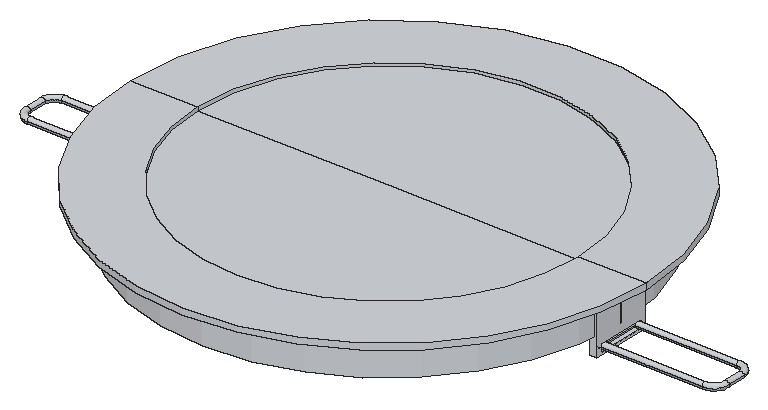
Revit family "0053937", category Lighting Fixtures, host Face, Revit 2017
Family settings
  Host = Face
  Round Connector Dimension = Use Diameter
  Part Type = Normal
  OmniClass Number = 23.80.70.00
  OmniClass Title = Lighting
  Cut with Voids When Loaded = No
  Light Source = Yes
  Shared = No
  Room Calculation Point = No
Parameters (values of type "0053937 ST E DOWNLIGHT FLT 155 IP44 1000 830 DIM")
  Weight = "3.27 kg"
  Wattage Comments = ""
  Wattage = 12 W
  WarrantyStartDate [instance] = "n/a"
  WarrantyGuarantorParts = "n/a"
  WarrantyDurationUnit = "n/a"
  WarrantyDurationParts = "n/a"
  WarrantyDescription = "n/a"
  built-in parameter 1150110 = 1 (stored number, unit not read)
  Voltage = 0 V
  URL = "http://www.sylvania-lighting.com"
  TypeName = "START eco Downlight Flat 155 IP44 1000lm 830 DIM"
  Type Image = <None>
  Type Comments = "n/a"
  built-in parameter 1114217 = 1 (stored number, unit not read)
  Tilt Angle = -90.00°
  built-in parameter 1150109 = 1 (stored number, unit not read)
  built-in parameter 1150134 = (empty or 0)
  built-in parameter 1150113 = 1 (stored number, unit not read)
  SerialNumber [instance] = "n/a"
  SIZE_203_SYL = 0
  SIZE_155_SYL = 1
  R_DIFF_SYL = if(SIZE_155_SYL = 1, 63.5 mm, if(SIZE_203_SYL = 1, 86.5 mm, 40 mm))  # 63.5 mm
  R2_SYL = if(SIZE_155_SYL = 1, 77.5 mm, if(SIZE_203_SYL = 1, 101.5 mm, 52.5 mm))  # 77.5 mm
  R1_SYL = if(SIZE_155_SYL = 1, 86 mm, if(SIZE_203_SYL = 1, 113 mm, 60 mm))  # 86 mm
  Photometric Web File = "0053937.ies"
  LUM_HEIGHT_SYL = 15 mm - CHAMF_SYL  # 14 mm
  CLIP_SYL = 10 mm
  CLIP_HOLE_SYL = 2.5 mm
  CLIP_HOLE_HE_SYL = 8.5 mm
  CLIP_D_SYL = R2_SYL - 2.5 mm  # 75 mm
  CLIP_DIST_SYL = R2_SYL - 2.5 mm  # 75 mm
  CLIP_CUTOUT_SYL = 19 mm
  CHAMF_SYL = 1 mm
  Material_3_SYL = none
  PowerFactor = 0.9
  PowerConsumption = "12 W"
  NominalLength = 172 mm
  NominalHeight = 21 mm
  NominalDepth = 172 mm
  Name = "START eco Downlight Flat 155 IP44 1000lm 830 DIM"
  ModelReference = Name  # "START eco Downlight Flat 155 IP44 1000lm 830 DIM"
  ModelNumber = "0053937"
  Model = Name  # "START eco Downlight Flat 155 IP44 1000lm 830 DIM"
  Material = "aluminium housing, other diffuser"
  ManufacturerName = "Feilo Sylvania"
  Manufacturer = "Feilo Sylvania"
  LuminousEfficacy = "83 lm/W"
  built-in parameter 1150105 = 79.259 (stored number, unit not read)
  Lumens = 996 lm
  LuminaireType = ""
  built-in parameter 1150115 = 1 (stored number, unit not read)
  LightOutputRatio = "n/a"
  built-in parameter 1150137 = (empty or 0)
  built-in parameter 1150139 = (empty or 0)
  LampsType = Lamp  # "LED"
  LampNominalLuminous = "1000 lm"
  LampMacAdamStep = "5"
  LampColourTemperature = "3000 K"
  LampColourRenderingIndex = "80"
  built-in parameter 1150112 = 1 (stored number, unit not read)
  built-in parameter 1150114 = 1 (stored number, unit not read)
  Lamp = "LED"
  Keynote = "16500"
  InstallationDate [instance] = "n/a"
  InputVoltage = "n/a"
  InputNominalFrequency = "n/a"
  built-in parameter 1150132 = (empty or 0)
  built-in parameter 1150102 = (empty or 0)
  built-in parameter 1150107 = 3000 (stored number, unit not read)
  built-in parameter 1150138 = (empty or 0)
  IngressProtection = "IP44/20"
  ImpactProtectionIndex = "IK06"
  built-in parameter 1150106 = 0.79259 (stored number, unit not read)
  IfcExportType = "IfcLightFixtureType"
  IfcExportAs = "IfcLightFixtureType"
  Emit from Circle Diameter = 609.6 mm
  Emit Shape Visible in Rendering = no
  ElectricShockClassification = "Class II"
  built-in parameter 1150104 = 7.711 (stored number, unit not read)
  DocumentationLiterature = "http://www.sylvania-lighting.com/product/en-int/products/0053937"
  DimmingControlOptions = "n/a"
  Material_2_SYL = none
  Dimming Lamp Color Temperature Shift = <None>
  Description = "START eco Downlight Flat IP44 DIM is an integrated LED recessed downlight with separated phase dimmable driver; 12W; 1000Lm; 83Lm/W; 3000K; IP44 rated from the front; 30,000hrs (L70B50)."
  Default Elevation = 1219.2 mm
  CreatedOn = "8/6/2020"
  CreatedBy = "@sylvania-lighting.com"
  Cost = 0
  Color Filter = 16777215
  built-in parameter 1114216 [instance] = (empty or 0)
  ClassificationValue = "EF_70_80"
  ClassificationName = "Uniclass2015"
  Material_1_SYL = none
  CHAMF_2_SYL = 1 mm
  BarCode [instance] = "n/a"
  built-in parameter 1114218 = 1 (stored number, unit not read)
  built-in parameter 1150133 = 10 (stored number, unit not read)
  AssetType = "Fixed"
  AssetIdentifier [instance] = "n/a"
  Assembly Code = "D5020200"
  Apparent Load = 12 VA
  Material_4_SYL = none
Types (17, lengths in mm): name | Weight | Wattage | TypeName | built-in parameter 1150134 | SIZE_203_SYL | SIZE_155_SYL | R_DIFF_SYL | R2_SYL | R1_SYL | Photometric Web File | CLIP_D_SYL | CLIP_DIST_SYL | PowerFactor | PowerConsumption | NominalLength | NominalHeight | NominalDepth | Name | ModelReference | ModelNumber | Model | Material | LuminousEfficacy | built-in parameter 1150105 | Lumens | LampNominalLuminous | LampMacAdamStep | LampColourTemperature | built-in parameter 1150107 | built-in parameter 1150106 | built-in parameter 1150104 | DocumentationLiterature | Description | Apparent Load
  0053988 SYLFLAT 105 IP44 550LM 830 DIM | "3.555 kg" | 7 W | "Sylflat 105 IP44 550lm 830 DIM" | (empty or 0) | 0 | 1 | 63.5 | 77.5 | 86 | "0053988.ies" | 75 | 75 | 0 | "7 W" | 0 | 0 | 0 | "Sylflat 105 IP44 550lm 830 DIM" | "Sylflat 105 IP44 550lm 830 DIM" | "53988" | "Sylflat 105 IP44 550lm 830 DIM" | "n/a" | "78.57 lm/W" | 43.768 (stored number, unit not read) | 550 lm | "550 lm" | "3" | "3000 K" | 3000 (stored number, unit not read) | 0.43768 (stored number, unit not read) | 7.2995 (stored number, unit not read) | "http://www.sylvania-lighting.com/product/en-int/products/0053988" | "Sylflat DIM is an integrated LED recessed downlight with separated phase dimmable driver; 7W; 550Lm; 79Lm/W; 3000K; IP44 rated from the front; 50,000hrs (L70B50)." | 7 VA
  0053957 SYLFLAT 205 IP44 2250LM 840 DIM | "4.57 kg" | 24 W | "Sylflat 205 IP44 2250lm 840 DIM" | 12 | 1 | 0 | 86.5 | 101.5 | 113 | "0053957.ies" | 99 | 99 | 0.9 | "24 W" | 226 | 21 | 226 | "Sylflat 205 IP44 2250lm 840 DIM" | "Sylflat 205 IP44 2250lm 840 DIM" | "53957" | "Sylflat 205 IP44 2250lm 840 DIM" | "n/a" | "103 lm/W" | 196.72 (stored number, unit not read) | 2472 lm | "2250 lm" | "3" | "4000 K" | 4000 (stored number, unit not read) | 1.9672 (stored number, unit not read) | 9.569 (stored number, unit not read) | "http://www.sylvania-lighting.com/product/en-int/products/0053957" | "Sylflat DIM is an integrated LED recessed downlight with separated phase dimmable driver; 24W; 2250Lm; 103Lm/W; 4000K; IP44 rated from the front; 50,000hrs (L70B50)." | 24 VA
  0053956 SYLFLAT 205 IP44 2200LM 830 DIM | "4.57 kg" | 24 W | "Sylflat 205 IP44 2200lm 830 DIM" | (empty or 0) | 1 | 0 | 86.5 | 101.5 | 113 | "0053956.ies" | 99 | 99 | 0.9 | "24 W" | 226 | 21 | 226 | "Sylflat 205 IP44 2200lm 830 DIM" | "Sylflat 205 IP44 2200lm 830 DIM" | "53956" | "Sylflat 205 IP44 2200lm 830 DIM" | "n/a" | "100 lm/W" | 190.99 (stored number, unit not read) | 2400 lm | "2200 lm" | "3" | "3000 K" | 3000 (stored number, unit not read) | 1.9099 (stored number, unit not read) | 9.2903 (stored number, unit not read) | "http://www.sylvania-lighting.com/product/en-int/products/0053956" | "Sylflat DIM is an integrated LED recessed downlight with separated phase dimmable driver; 24W; 2200Lm; 100Lm/W; 3000K; IP44 rated from the front; 50,000hrs (L70B50)." | 24 VA
  0053955 SYLFLAT 205 IP44 1750LM 840 DIM | "4.57 kg" | 17 W | "Sylflat 205 IP44 1750lm 840 DIM" | 12 | 1 | 0 | 86.5 | 101.5 | 113 | "0053955.ies" | 99 | 99 | 0.9 | "17 W" | 226 | 21 | 226 | "Sylflat 205 IP44 1750lm 840 DIM" | "Sylflat 205 IP44 1750lm 840 DIM" | "53955" | "Sylflat 205 IP44 1750lm 840 DIM" | "aluminium housing, other diffuser" | "103 lm/W" | 139.34 (stored number, unit not read) | 1751 lm | "1750 lm" | "3" | "4000 K" | 4000 (stored number, unit not read) | 1.3934 (stored number, unit not read) | 9.569 (stored number, unit not read) | "http://www.sylvania-lighting.com/product/en-int/products/0053955" | "Sylflat DIM is an integrated LED recessed downlight with separated phase dimmable driver; 17W; 1750Lm; 103Lm/W; 4000K; IP44 rated from the front; 50,000hrs (L70B50)." | 17 VA
  0053954 SYLFLAT 205 IP44 1550LM 830 DIM | "4.57 kg" | 17 W | "Sylflat 205 IP44 1550lm 830 DIM" | (empty or 0) | 1 | 0 | 86.5 | 101.5 | 113 | "0053954.ies" | 99 | 99 | 0.9 | "17 W" | 226 | 21 | 226 | "Sylflat 205 IP44 1550lm 830 DIM" | "Sylflat 205 IP44 1550lm 830 DIM" | "53954" | "Sylflat 205 IP44 1550lm 830 DIM" | "aluminium housing, other diffuser" | "91 lm/W" | 123.11 (stored number, unit not read) | 1547 lm | "1550 lm" | "3" | "3000 K" | 3000 (stored number, unit not read) | 1.2311 (stored number, unit not read) | 8.4542 (stored number, unit not read) | "http://www.sylvania-lighting.com/product/en-int/products/0053954" | "Sylflat DIM is an integrated LED recessed downlight with separated phase dimmable driver; 17W; 1550Lm; 91Lm/W; 3000K; IP44 rated from the front; 50,000hrs (L70B50)." | 17 VA
  0053953 SYLFLAT 155 IP44 1100LM 840 DIM | "3.27 kg" | 12 W | "Sylflat 155 IP44 1100lm 840 DIM" | 12 | 0 | 1 | 63.5 | 77.5 | 86 | "0053953.ies" | 75 | 75 | 0.9 | "12 W" | 172 | 21 | 172 | "Sylflat 155 IP44 1100lm 840 DIM" | "Sylflat 155 IP44 1100lm 840 DIM" | "53953" | "Sylflat 155 IP44 1100lm 840 DIM" | "aluminium housing, other diffuser" | "92 lm/W" | 87.854 (stored number, unit not read) | 1104 lm | "1100 lm" | "3" | "4000 K" | 4000 (stored number, unit not read) | 0.87854 (stored number, unit not read) | 8.5471 (stored number, unit not read) | "http://www.sylvania-lighting.com/product/en-int/products/0053953" | "Sylflat DIM is an integrated LED recessed downlight with separated phase dimmable driver; 12W; 1100Lm; 92Lm/W; 4000K; IP44 rated from the front; 50,000hrs (L70B50)." | 12 VA
  0053952 SYLFLAT 155 IP44 1000LM 830 DIM | "3.27 kg" | 12 W | "Sylflat 155 IP44 1000lm 830 DIM" | (empty or 0) | 0 | 1 | 63.5 | 77.5 | 86 | "0053952.ies" | 75 | 75 | 0.9 | "12 W" | 172 | 21 | 172 | "Sylflat 155 IP44 1000lm 830 DIM" | "Sylflat 155 IP44 1000lm 830 DIM" | "53952" | "Sylflat 155 IP44 1000lm 830 DIM" | "aluminium housing, other diffuser" | "83 lm/W" | 79.259 (stored number, unit not read) | 996 lm | "1000 lm" | "3" | "3000 K" | 3000 (stored number, unit not read) | 0.79259 (stored number, unit not read) | 7.711 (stored number, unit not read) | "http://www.sylvania-lighting.com/product/en-int/products/0053952" | "Sylflat DIM is an integrated LED recessed downlight with separated phase dimmable driver; 12W; 1000Lm; 83Lm/W; 3000K; IP44 rated from the front; 50,000hrs (L70B50)." | 12 VA
  0053951 ST E DOWNLIGHT FLT 205 IP44 2200 865 DIM | "4.57 kg" | 24 W | "START eco Downlight Flat 205 IP44 2200lm 865 DIM" | 1 | 1 | 0 | 86.5 | 101.5 | 113 | "0053951.ies" | 99 | 99 | 0.9 | "24 W" | 226 | 21 | 226 | "START eco Downlight Flat 205 IP44 2200lm 865 DIM" | "START eco Downlight Flat 205 IP44 2200lm 865 DIM" | "53951" | "START eco Downlight Flat 205 IP44 2200lm 865 DIM" | "n/a" | "92 lm/W" | 175.71 (stored number, unit not read) | 2208 lm | "2200 lm" | "5" | "6500 K" | 6500 (stored number, unit not read) | 1.7571 (stored number, unit not read) | 8.5471 (stored number, unit not read) | "http://www.sylvania-lighting.com/product/en-int/products/0053951" | "START eco Downlight Flat IP44 DIM is an integrated LED recessed downlight with separated phase dimmable driver; 24W; 2200Lm; 92Lm/W; 6500K; IP44 rated from the front; 30,000hrs (L70B50)." | 24 VA
  0053950 ST E DOWNLIGHT FLT 205 IP44 1700 865 DIM | "4.57 kg" | 17 W | "START eco Downlight Flat 205 IP44 1700lm 865 DIM" | 1 | 1 | 0 | 86.5 | 101.5 | 113 | "0053950.ies" | 99 | 99 | 0.9 | "17 W" | 226 | 21 | 226 | "START eco Downlight Flat 205 IP44 1700lm 865 DIM" | "START eco Downlight Flat 205 IP44 1700lm 865 DIM" | "53950" | "START eco Downlight Flat 205 IP44 1700lm 865 DIM" | "aluminium housing, other diffuser" | "100 lm/W" | 135.28 (stored number, unit not read) | 1700 lm | "1700 lm" | "5" | "6500 K" | 6500 (stored number, unit not read) | 1.3528 (stored number, unit not read) | 9.2903 (stored number, unit not read) | "http://www.sylvania-lighting.com/product/en-int/products/0053950" | "START eco Downlight Flat IP44 DIM is an integrated LED recessed downlight with separated phase dimmable driver; 17W; 1700Lm; 100Lm/W; 6500K; IP44 rated from the front; 30,000hrs (L70B50)." | 17 VA
  0053949 ST E DOWNLIGHT FLT 155 IP44 1100 865 DIM | "3.27 kg" | 12 W | "START eco Downlight Flat 155 IP44 1100lm 865 DIM" | 1 | 0 | 1 | 63.5 | 77.5 | 86 | "0053949.ies" | 75 | 75 | 0.9 | "12 W" | 172 | 21 | 172 | "START eco Downlight Flat 155 IP44 1100lm 865 DIM" | "START eco Downlight Flat 155 IP44 1100lm 865 DIM" | "53949" | "START eco Downlight Flat 155 IP44 1100lm 865 DIM" | "aluminium housing, other diffuser" | "92 lm/W" | 87.854 (stored number, unit not read) | 1104 lm | "1100 lm" | "5" | "6500 K" | 6500 (stored number, unit not read) | 0.87854 (stored number, unit not read) | 8.5471 (stored number, unit not read) | "http://www.sylvania-lighting.com/product/en-int/products/0053949" | "START eco Downlight Flat IP44 DIM is an integrated LED recessed downlight with separated phase dimmable driver; 12W; 1100Lm; 92Lm/W; 6500K; IP44 rated from the front; 30,000hrs (L70B50)." | 12 VA
  0053944 ST E DOWNLIGHT FLT 205 IP44 2250 840 DIM | "4.57 kg" | 24 W | "START eco Downlight Flat 205 IP44 2250lm 840 DIM" | 12 | 1 | 0 | 86.5 | 101.5 | 113 | "0053944.ies" | 99 | 99 | 0.9 | "24 W" | 226 | 21 | 226 | "START eco Downlight Flat 205 IP44 2250lm 840 DIM" | "START eco Downlight Flat 205 IP44 2250lm 840 DIM" | "53944" | "START eco Downlight Flat 205 IP44 2250lm 840 DIM" | "n/a" | "94 lm/W" | 179.53 (stored number, unit not read) | 2256 lm | "2250 lm" | "5" | "4000 K" | 4000 (stored number, unit not read) | 1.7953 (stored number, unit not read) | 8.7329 (stored number, unit not read) | "http://www.sylvania-lighting.com/product/en-int/products/0053944" | "START eco Downlight Flat IP44 DIM is an integrated LED recessed downlight with separated phase dimmable driver; 24W; 2250Lm; 94Lm/W; 4000K; IP44 rated from the front; 30,000hrs (L70B50)." | 24 VA
  0053942 ST E DOWNLIGHT FLT 205 IP44 1750 840 DIM | "4.57 kg" | 17 W | "START eco Downlight Flat 205 IP44 1750lm 840 DIM" | 12 | 1 | 0 | 86.5 | 101.5 | 113 | "0053942.ies" | 99 | 99 | 0.9 | "17 W" | 226 | 21 | 226 | "START eco Downlight Flat 205 IP44 1750lm 840 DIM" | "START eco Downlight Flat 205 IP44 1750lm 840 DIM" | "53942" | "START eco Downlight Flat 205 IP44 1750lm 840 DIM" | "aluminium housing, other diffuser" | "103 lm/W" | 139.34 (stored number, unit not read) | 1751 lm | "1750 lm" | "5" | "4000 K" | 4000 (stored number, unit not read) | 1.3934 (stored number, unit not read) | 9.569 (stored number, unit not read) | "http://www.sylvania-lighting.com/product/en-int/products/0053942" | "START eco Downlight Flat IP44 DIM is an integrated LED recessed downlight with separated phase dimmable driver; 17W; 1750Lm; 103Lm/W; 4000K; IP44 rated from the front; 30,000hrs (L70B50)." | 17 VA
  0053941 ST E DOWNLIGHT FLT 155 IP44 1100 840 DIM | "3.27 kg" | 12 W | "START eco Downlight Flat 155 IP44 1100lm 840 DIM" | 12 | 0 | 1 | 63.5 | 77.5 | 86 | "0053941.ies" | 75 | 75 | 0.9 | "12 W" | 172 | 21 | 172 | "START eco Downlight Flat 155 IP44 1100lm 840 DIM" | "START eco Downlight Flat 155 IP44 1100lm 840 DIM" | "53941" | "START eco Downlight Flat 155 IP44 1100lm 840 DIM" | "aluminium housing, other diffuser" | "92 lm/W" | 87.854 (stored number, unit not read) | 1104 lm | "1100 lm" | "5" | "4000 K" | 4000 (stored number, unit not read) | 0.87854 (stored number, unit not read) | 8.5471 (stored number, unit not read) | "http://www.sylvania-lighting.com/product/en-int/products/0053941" | "START eco Downlight Flat IP44 DIM is an integrated LED recessed downlight with separated phase dimmable driver; 12W; 1100Lm; 92Lm/W; 4000K; IP44 rated from the front; 30,000hrs (L70B50)." | 12 VA
  0053940 ST E DOWNLIGHT FLT 205 IP44 2200 830 DIM | "4.57 kg" | 24 W | "START eco Downlight Flat 205 IP44 2200lm 830 DIM" | (empty or 0) | 1 | 0 | 86.5 | 101.5 | 113 | "0053940.ies" | 99 | 99 | 0.9 | "24 W" | 226 | 21 | 226 | "START eco Downlight Flat 205 IP44 2200lm 830 DIM" | "START eco Downlight Flat 205 IP44 2200lm 830 DIM" | "53940" | "START eco Downlight Flat 205 IP44 2200lm 830 DIM" | "n/a" | "92 lm/W" | 175.71 (stored number, unit not read) | 2208 lm | "2200 lm" | "5" | "3000 K" | 3000 (stored number, unit not read) | 1.7571 (stored number, unit not read) | 8.5471 (stored number, unit not read) | "http://www.sylvania-lighting.com/product/en-int/products/0053940" | "START eco Downlight Flat IP44 DIM is an integrated LED recessed downlight with separated phase dimmable driver; 24W; 2200Lm; 92Lm/W; 3000K; IP44 rated from the front; 30,000hrs (L70B50)." | 24 VA
  0053938 ST E DOWNLIGHT FLT 205 IP44 1550 830 DIM | "4.57 kg" | 17 W | "START eco Downlight Flat 205 IP44 1550lm 830 DIM" | (empty or 0) | 1 | 0 | 86.5 | 101.5 | 113 | "0053938.ies" | 99 | 99 | 0.9 | "17 W" | 226 | 21 | 226 | "START eco Downlight Flat 205 IP44 1550lm 830 DIM" | "START eco Downlight Flat 205 IP44 1550lm 830 DIM" | "53938" | "START eco Downlight Flat 205 IP44 1550lm 830 DIM" | "aluminium housing, other diffuser" | "91 lm/W" | 123.11 (stored number, unit not read) | 1547 lm | "1550 lm" | "5" | "3000 K" | 3000 (stored number, unit not read) | 1.2311 (stored number, unit not read) | 8.4542 (stored number, unit not read) | "http://www.sylvania-lighting.com/product/en-int/products/0053938" | "START eco Downlight Flat IP44 DIM is an integrated LED recessed downlight with separated phase dimmable driver; 17W; 1550Lm; 91Lm/W; 3000K; IP44 rated from the front; 30,000hrs (L70B50)." | 17 VA
  0053937 ST E DOWNLIGHT FLT 155 IP44 1000 830 DIM | "3.27 kg" | 12 W | "START eco Downlight Flat 155 IP44 1000lm 830 DIM" | (empty or 0) | 0 | 1 | 63.5 | 77.5 | 86 | "0053937.ies" | 75 | 75 | 0.9 | "12 W" | 172 | 21 | 172 | "START eco Downlight Flat 155 IP44 1000lm 830 DIM" | "START eco Downlight Flat 155 IP44 1000lm 830 DIM" | "0053937" | "START eco Downlight Flat 155 IP44 1000lm 830 DIM" | "aluminium housing, other diffuser" | "83 lm/W" | 79.259 (stored number, unit not read) | 996 lm | "1000 lm" | "5" | "3000 K" | 3000 (stored number, unit not read) | 0.79259 (stored number, unit not read) | 7.711 (stored number, unit not read) | "http://www.sylvania-lighting.com/product/en-int/products/0053937" | "START eco Downlight Flat IP44 DIM is an integrated LED recessed downlight with separated phase dimmable driver; 12W; 1000Lm; 83Lm/W; 3000K; IP44 rated from the front; 30,000hrs (L70B50)." | 12 VA
  0053989 SYLFLAT 105 IP44 600LM 840 DIM | "3.555 kg" | 7 W | "Sylflat 105 IP44 600lm 840 DIM" | 12 | 0 | 1 | 63.5 | 77.5 | 86 | "0053989.ies" | 75 | 75 | 0 | "7 W" | 0 | 0 | 0 | "Sylflat 105 IP44 600lm 840 DIM" | "Sylflat 105 IP44 600lm 840 DIM" | "53989" | "Sylflat 105 IP44 600lm 840 DIM" | "n/a" | "85.71 lm/W" | 47.746 (stored number, unit not read) | 600 lm | "600 lm" | "3" | "4000 K" | 4000 (stored number, unit not read) | 0.47746 (stored number, unit not read) | 7.9631 (stored number, unit not read) | "http://www.sylvania-lighting.com/product/en-int/products/0053989" | "Sylflat DIM is an integrated LED recessed downlight with separated phase dimmable driver; 7W; 600Lm; 86Lm/W; 4000K; IP44 rated from the front; 50,000hrs (L70B50)." | 7 VA
Reference planes
  plane 1 "Center (Front/Back)": y = 0
  plane 2: z = 0
  plane 3 "Center (Left/Right)": x = 0
  plane 4: z = 1
  plane 5: z = -1
  plane 6: z = -14
  plane 7: x = 86
  plane 8: x = 63.5
  plane 9: x = 77.5
  plane 10: x = 0
  plane 11: x = -96
  plane 12: x = -77.5
  plane 13: y = 10
  plane 14: y = -10
  plane 15: x = 75
  plane 16: z = -19
  plane 17: z = -16.5
  plane 18: y = -8.5
  plane 19: y = 8.5
  plane 20: x = -75
Forms (mm)
  Revolve 1, solid
    sketch origin (0, 0, 0) x (1, 0, 0) y (0, 0, 1)
      loop
        line (0, 0) -> (0, -14) -> (77.5, -14) -> (77.5, -1) -> (86, -1) -> (86, 1) -> (63.5, 1) -> (63.5, 0) -> (0, 0)
      axis (0, 1) -> (0, -14)
    angle from 360 to 0
  Extrusion 2, solid
    sketch origin (0, 0, 0) x (1, 0, 0) y (0, 1, 0)
      loop
        line (75, 10) -> (75, -10) -> (77.5, -10) -> (77.5, 10) -> (75, 10)
      loop
        line (-75, 10) -> (-77.5, 10) -> (-77.5, -10) -> (-75, -10) -> (-75, 10)
    from -20 to -1
  Extrusion 3, void
    sketch origin (319, 1524, 1219.2) x (0, 1, 0) y (0, 0, 1)
      loop
        line (-1515.5, -1238.2) -> (-1515.5, -1235.7) -> (-1532.5, -1235.7) -> (-1532.5, -1238.2) -> (-1515.5, -1238.2)
    from -440.059 to 10
  Sweep 4, solid
    path origin (-31.995, -2.046, -2.165) x (1, 0, 0) y (0, 1, 0)
      loop
        arc (-82, 9.306) -> (-84.828, 8.135) -> (-86, 5.306) r 4
        line (-86, 5.306) -> (-86, -0.922)
        arc (-86, -0.922) -> (-84.828, -3.75) -> (-82, -4.922) r 4
        line (-82, -4.922) -> (-44, -4.922) -> (-44, 9.306) -> (-82, 9.306)
    profile origin (-94.995, 7.26, -2.165) x (0, 1, 0) y (0, 0, 1)
      loop
        circle (0, -15.572) r 0.967
  Sweep 5, solid
    path origin (31.995, -2.046, -2.165) x (-1, 0, 0) y (0, -1, 0)
      loop
        line (-79, -9.306) -> (-44, -9.306) -> (-44, 4.922) -> (-79, 4.922)
        arc (-79, 4.922) -> (-81.828, 3.75) -> (-83, 0.922) r 4
        line (-83, 0.922) -> (-83, -5.306)
        arc (-83, -5.306) -> (-81.828, -8.135) -> (-79, -9.306) r 4
    profile origin (93.495, 7.26, -2.165) x (0, -1, 0) y (0, 0, 1)
      loop
        circle (0, -15.572) r 0.967
Cuts and joins
  Extrusion 3 cuts Extrusion 2
Dimensions and locks
  "LUM_HEIGHT_SYL": host face to plane 6
  "CHAMF_2_SYL": host face to plane 5
  "CHAMF_SYL": plane 4 to host face
  "R_DIFF_SYL": plane 8 to plane 3 "Center (Left/Right)"
  "R2_SYL": plane 3 "Center (Left/Right)" to plane 9
  "R1_SYL": plane 7 to plane 3 "Center (Left/Right)"
  "CLIP_SYL": plane 14 to plane 1 "Center (Front/Back)" to plane 13
  "CLIP_D_SYL": plane 10 to plane 15
  "R2_SYL": plane 10 to plane 9
  "CLIP_CUTOUT_SYL": host face to plane 16
  "CLIP_HOLE_SYL": plane 17 to plane 16
  "CLIP_HOLE_HE_SYL": plane 19 to plane 1 "Center (Front/Back)" to plane 18
  "R2_SYL": plane 12 to plane 10
  "CLIP_D_SYL": plane 20 to plane 3 "Center (Left/Right)"
  aligned and locked: plane 2 to host face
  aligned and locked: level to host face
  aligned and locked: Revolve 1 sketch curve to plane 3 "Center (Left/Right)"
  aligned and locked: plane 13 to Extrusion 2 sketch curve
  aligned and locked: Extrusion 2 sketch curve to plane 15
  aligned and locked: Extrusion 2 sketch curve to plane 14
  aligned and locked: plane 9 to Extrusion 2 sketch curve
  aligned and locked: Extrusion 3 sketch curve to plane 16
  aligned and locked: plane 19 to Extrusion 3 sketch curve
  aligned and locked: Extrusion 3 sketch curve to plane 17
  aligned and locked: Extrusion 3 sketch curve to plane 18
  aligned and locked: Extrusion 2 sketch curve to plane 13
  aligned and locked: Extrusion 2 sketch curve to plane 20
  aligned and locked: plane 14 to Extrusion 2 sketch curve
  aligned and locked: plane 12 to Extrusion 2 sketch curve
Automatic sketch dimensions
  host sketch curve to host sketch curve = 2438.4 mm  (x2)
  Revolve 1 sketch curve to level = 0 mm
  Revolve 1 sketch curve to plane 3 "Center (Left/Right)" = 0 mm
  plane 8 to Revolve 1 sketch curve = 0 mm
  Revolve 1 sketch curve to plane 6 = 0 mm
  plane 9 to Revolve 1 sketch curve = 0 mm
  Revolve 1 sketch curve to plane 5 = 0 mm
  plane 7 to Revolve 1 sketch curve = 0 mm
  Revolve 1 sketch curve to plane 4 = 0 mm
  Revolve 1 sketch curve to plane 16 = 584.6 mm
  Revolve 1 sketch curve to plane 4 = 2608.058 mm
  plane 1 "Center (Front/Back)" to Sweep 4 sketch curve = 2.968 mm
  plane 12 to Sweep 4 sketch curve = 40.495 mm
  Sweep 4 sketch curve to plane 18 = 1.532 mm
  Sweep 4 sketch curve to Sweep 4 sketch curve = 4 mm
  plane 20 to Sweep 4 sketch curve = 0.995 mm
  Sweep 4 sketch curve to plane 1 "Center (Front/Back)" = 3.26 mm
  Sweep 4 sketch curve to profile plane = 0 mm
  Sweep 4 sketch curve to profile plane = 15.572 mm
  plane 1 "Center (Front/Back)" to Sweep 5 sketch curve = 2.968 mm
  Sweep 5 sketch curve to plane 7 = 28.995 mm
  Sweep 5 sketch curve to plane 18 = 1.532 mm
  Sweep 5 sketch curve to Sweep 5 sketch curve = 4 mm
  Sweep 5 sketch curve to plane 15 = 0.995 mm
  Sweep 5 sketch curve to plane 1 "Center (Front/Back)" = 3.26 mm
  Sweep 5 sketch curve to profile plane = 0 mm
  Sweep 5 sketch curve to profile plane = 15.572 mm
  radius of Sweep 4 sketch curve = 0.967 mm
  radius of Sweep 5 sketch curve = 0.967 mm
